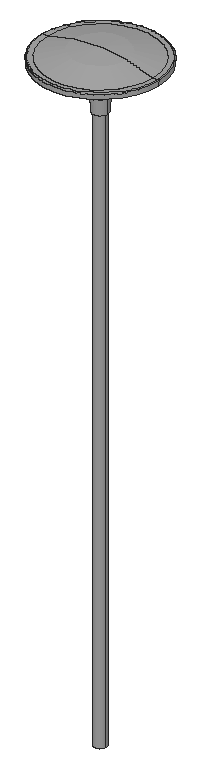
Revit family "Place", category Lighting Fixtures, Revit 2014
Parameters (values of type "Place")
  Wattage = 28 W
  WarrantyGuarantorParts = "n/a"
  WarrantyDurationParts = "n/a"
  WarrantyDescription = "n/a"
  built-in parameter 1150110 = 1 (stored number, unit not read)
  Version = "v.1.0"
  Uniclass2 = "Pr_70_70_49_43 Light-Emitting Diode (LED) Luminaires"
  Uniclass 1.4 = "JY73"
  URL = "http://riegens.com/place"
  TotalWattage = "Max. 28W "
  built-in parameter 1114217 = 1 (stored number, unit not read)
  Tilt Angle = 90.00°
  built-in parameter 1150109 = 1 (stored number, unit not read)
  built-in parameter 1150134 = 12
  TagNumber = "n/a"
  SustainabilityPerformance = "n/a"
  built-in parameter 1150113 = 1 (stored number, unit not read)
  SupplyCircuitConductorConnections = "n/a"
  Size = "Ø600 mm"
  Shape = "Circle"
  ProductInformation = "http://riegens.com/place"
  PhotometricPerformance = "In accordance with BS EN 13032-1"
  Photometric Web File = "Place 28W LED 4000K IP66.ies"
  PhaseReference = "IEC recommendations"
  Optic = "Symmetric opal"
  Offset from floor = 2900 mm
  NominalVoltage = "220-240V"
  ModelReference = "Place"
  Model = "Place"
  Material = "Aluminium, PMMA and PC"
  ManufacturersSpecificInformation = "n/a"
  ManufacturerURL = "www.riegens.com"
  Manufacturer = "Riegens A/S"
  Lumens = 2520 lm
  LuminaireType = "Outdoor Direct LED Luminaire"
  LuminairePowerFactor = ">0,9"
  built-in parameter 1150115 = 1 (stored number, unit not read)
  built-in parameter 1150105 = 200.54 (stored number, unit not read)
  LightSource = "LED 3000K / 4000K"
  LightFixturePlacingType = "Pole / Wall"
  LightFixtureMountingType = "Pole_top / Wall"
  built-in parameter 1150137 = (empty or 0)
  built-in parameter 1150139 = (empty or 0)
  LampType = "LED"
  LampRating = "28W"
  LampColourRenderingIndex = "Ra>80"
  built-in parameter 1150112 = 1 (stored number, unit not read)
  built-in parameter 1150114 = 1 (stored number, unit not read)
  InternalFuse = "Only required in emergency versions"
  InsulationStandardClass = "Class 2"
  built-in parameter 1150132 = (empty or 0)
  built-in parameter 1150102 = (empty or 0)
  built-in parameter 1150138 = (empty or 0)
  built-in parameter 1150107 = 4000 (stored number, unit not read)
  built-in parameter 1150106 = 2.0054 (stored number, unit not read)
  IfcExportType = "NOTDEFINED'"
  IfcExportAs = "IfcLightFixtureType'"
  IP_Code = "IP66"
  Height 1 = 291 mm
  HasProtectiveEarth = "TRUE"
  Grade = "n/a"
  Frame = Riegens_Aluminum_powder coated grey
  Finish = "Powder coated"
  Features = "n/a"
  built-in parameter 1150104 = 8.3613 (stored number, unit not read)
  Documentation = "See URL hyperlink"
  DocumentReference = "See URL hyperlink"
  Dimming Lamp Color Temperature Shift = <None>
  Diameter 2 = 76 mm
  Diameter 1 = 600 mm
  Description = "70-80-35 General Lighting Systems"
  ControlGearPosition = "Integrated "
  Constituents = "n/a"
  Colour = "Grey"
  Color Filter = 16777215
  CodePerformance = "n/a"
  CCSTopnode = "L"
  CCSClassName = "Belysningsarmatur"
  CCSClassCode = "UAC"
  BarCode = "n/a"
  BallastsCELMAEnergyEfficiencyIndex = "Class A1/A2"
  built-in parameter 1114218 = 1 (stored number, unit not read)
  BSAB 96 = "SNB.2"
  BIMObjectName = "Place.rfa"
  Author = "3dbyggeri"
  built-in parameter 1150133 = 10 (stored number, unit not read)
  AssetType = "Moveable/Fixed"
  AssetIdentifier = "n/a"
  ArticleNumber = "See URL hyperlink"
  Apparent Load = 240 VA
  AccessibilityPerformance = "n/a"
Reference planes
  plane 1 "Light Source Axis (F/B)": y = 0
  plane 2: z = 0
  plane 3 "Light Source Axis (L/R)": x = 0
  plane 4 "Light Source Elevation": z = 3022.232
  plane 5 "UK": z = 2900
  plane 6: z = 2973.908
  plane 7: z = 3022.232
  plane 8: z = 3146.991
  plane 9: z = 3191
  plane 10: x = 299.961
  plane 11: x = -300.039
  plane 12: x = 38.398
  plane 13: x = -37.602
  plane 14: z = 3119.991
Forms (mm)
  Revolve 1, solid, material "Riegens_Aluminum_powder coated grey" <- "Frame"
    sketch origin (0, 0, 0) x (1, 0, 0) y (0, 0, 1)
      loop
        line (66.298, 3022.232) -> (0, 3022.232) -> (0, 2900) -> (38.398, 2900) -> (40.05, 2973.908)
        arc (40.05, 2973.908) -> (47.322, 3001.248) -> (66.298, 3022.232) r 60.094
      axis (0, 3022.232) -> (0, 2900)
    angle from 0 to 360
  Revolve 2, solid, material "Riegens_Glass_opal"
    sketch origin (0, 0, 0) x (1, 0, 0) y (0, 0, 1)
      loop
        line (62.562, 3022.232) -> (295.72, 3119.991) -> (291.72, 3119.991) -> (58.562, 3022.232) -> (62.562, 3022.232)
      axis (0, 3119.991) -> (0, 3022.232)
    angle from 0 to 360
  Revolve 3, solid, material "Riegens_Aluminum_powder coated grey" <- "Frame"
    sketch origin (0, 0, 0) x (1, 0, 0) y (0, 0, 1)
      loop
        line (0, 3191) -> (0, 3142.983) -> (299.961, 3142.983)
        arc (299.961, 3142.983) -> (298.787, 3145.817) -> (295.953, 3146.991) r 4.008
        line (295.953, 3146.991) -> (270, 3146.991)
        arc (270, 3146.991) -> (136.741, 3179.678) -> (0, 3191) r 869.689
      axis (0, 3191) -> (0, 3142.983)
    angle from 0 to 360
  Extrusion 4, solid, material "Riegens_Aluminum_powder coated grey" <- "Frame"
    sketch origin (0, 0, 0) x (1, 0, 0) y (0, 1, 0)
      loop
        circle (0, 0) r 299.961
    from 3119.991 to 3142.983
Dimensions and locks
  "Height 1": plane 9 to plane 5 "UK"
  plane 10 to imposter light to plane 11 = 299.961 mm locked, 300.039 mm locked
  "Diameter 1": plane 10 to plane 11
  "Diameter 2": plane 12 to plane 13
  plane 12 to imposter light to plane 13 = 38.398 mm locked, 37.602 mm
  "Offset from floor": plane 5 "UK" to plane 2
  locked: plane 9 to plane 8 at 44.009
  locked: plane 9 to plane 14 at 71.009
  locked: plane 9 to imposter light at 168.768
  locked: plane 9 to plane 7 at 168.768
  locked: plane 9 to plane 6 at 217.092
  locked: plane 8 to Extrusion 4 at 4.008
  locked: plane 4 "Light Source Elevation" to plane 5 "UK" at 122.232
  aligned and locked: plane 3 "Light Source Axis (L/R)" to imposter light
  aligned and locked: imposter light to plane 1 "Light Source Axis (F/B)"
  aligned and locked: plane 4 "Light Source Elevation" to imposter light
  aligned and locked: level to plane 2
  aligned and locked: Revolve 1 to plane 5 "UK"
  aligned and locked: Revolve 1 to plane 7
  aligned and locked: Revolve 2 to plane 14
  aligned and locked: plane 14 to Extrusion 4
  aligned and locked: nested 1 to plane 5 "UK"
  aligned and locked: imposter light to plane 7
Automatic sketch dimensions
  Revolve 1 sketch curve to plane 3 "Light Source Axis (L/R)" = 0 mm  (x2)
  Revolve 1 sketch curve to plane 5 "UK" = 0 mm
  Revolve 1 sketch curve to plane 12 = 0 mm
  Revolve 1 sketch curve to plane 6 = 0 mm
  Revolve 1 sketch curve to plane 7 = 0 mm
  plane 12 to Revolve 1 sketch curve = 1.651 mm
  plane 12 to Revolve 1 sketch curve = 27.9 mm
  plane 6 to Revolve 1 sketch curve = 1.342 mm
  Revolve 1 sketch curve to Revolve 1 sketch curve = 85.009 mm
  plane 4 "Light Source Elevation" to Revolve 1 sketch curve = 25 mm
  Revolve 2 sketch curve to plane 3 "Light Source Axis (L/R)" = 0 mm
  Revolve 2 sketch curve to plane 7 = 0 mm
  Revolve 2 sketch curve to plane 14 = 0 mm
  plane 12 to Revolve 2 sketch curve = 20.164 mm
  Revolve 2 sketch curve to Revolve 2 sketch curve = 4 mm  (x2)
  Revolve 2 sketch curve to plane 10 = 8.241 mm
  Revolve 2 sketch curve to plane 5 "UK" = 31 mm
  Revolve 2 sketch curve to plane 9 = 70 mm
  Revolve 3 sketch curve to plane 3 "Light Source Axis (L/R)" = 0 mm  (x2)
  Revolve 3 sketch curve to plane 8 = 0 mm
  Revolve 3 sketch curve to plane 10 = 0 mm
  Revolve 3 sketch curve to plane 9 = 0 mm
  Revolve 3 sketch curve to plane 3 "Light Source Axis (L/R)" = 3.169 mm
  Revolve 3 sketch curve to Revolve 3 sketch curve = 29.961 mm
  Revolve 3 sketch curve to plane 10 = 4.008 mm
  plane 4 "Light Source Elevation" to Revolve 3 sketch curve = 8 mm
  Revolve 3 sketch curve to Revolve 3 sketch curve = 40.991 mm
  plane 1 "Light Source Axis (F/B)" to Extrusion 4 sketch curve = 0 mm
  Extrusion 4 sketch curve to plane 3 "Light Source Axis (L/R)" = 0 mm
  radius of Extrusion 4 sketch curve = 299.961 mm
Nested families
  nested 1: "Mast" at (0, 0, 0), built-in parameter 1001364 <- "Offset from floor", type "Mast"
Connectors
  electrical at (0, 0, 2900)
    settings: index 1, voltage 0 V, apparent load 0 VA, apparent load phase1 0 VA, apparent load phase2 0 VA, apparent load phase3 0 VA, power factor 1, load classification "Other", number of poles 1, system type 31, power factor state 1, is connector primary yes, connector utility no, sub classification motor no, connector description ""
Definition of nested family "Mast"
  Parameters (values of type "Mast")
    Offset from floor = 2900 mm
    Frame = Riegens_Aluminum_powder coated grey
    Diameter 1 = 60 mm
  Reference planes
    plane 1 "Center (Front/Back)": y = 0
    plane 2: z = 0
    plane 3 "Center (Left/Right)": x = 0
    plane 4: y = 60
    plane 5: y = -60
    plane 6: x = -60
    plane 7: x = 60
  Forms (mm)
    Extrusion 1, solid, material "Riegens_Aluminum_powder coated grey"
      sketch origin (0.006, 0.002, 0) x (1, 0, 0) y (0, 1, 0)
        loop
          circle (0, 0) r 30
      from 0 to 2900
  Dimensions and locks
    "Offset from floor": Extrusion 1 to level
    "Diameter 1": diameter of Extrusion 1
    aligned and locked: level to plane 2
    aligned and locked: Extrusion 1 to level
